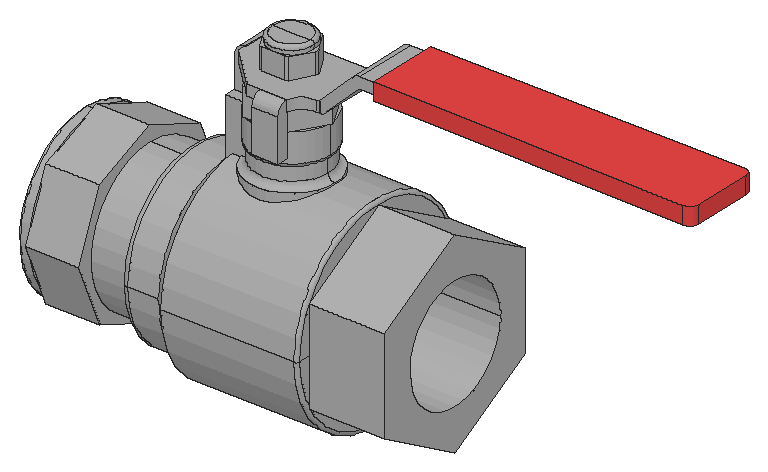
Revit family "QA10670000", category Apparecchi idraulici, Revit 2016
Family settings
  Tipo di parte = Normale
  Quota connettore circolare = Usa diametro
  Numero OmniClass = 23.45.00.00
  Titolo OmniClass = Sanitary, Laundry, and Cleaning Equipment
  Basato su piano di lavoro = No
  Sempre verticale = Sì
  Taglio con vuoti quando caricato = No
  Condiviso = No
  Punto di calcolo locali = No
Parameters
  URL = "https://web.cimberio.it/index.php/figura/208?subcategoria_id=42864"
  DN Model [instance] = QA10673182 : QA10673182
  DN [instance] = 32 mm
Reference planes
  plane 1 "Centro (Fronte/Retro)": y = 0
  plane 2: z = 0
  plane 3 "Centro (Sinistra/Destra)": x = 0
Dimensions and locks
  aligned and locked: level to plane 2
Nested families
  nested 1: "QA10673182" at (0, 0, 0), type <- "DN Model", type "QA10673182"
    with DN 10 mm
  nested 2: "QA10673182" at (0, 0, 0), type <- "DN Model", type "QA10673182"
    with DN 10 mm
  nested 3: "QA10673182" at (0, 0, 0), type <- "DN Model", type "QA10673182"
    with DN 10 mm
  nested 4: "QA10673182" at (0, 0, 0), type <- "DN Model", type "QA10673182"
    with DN 10 mm
  nested 5: "QA10673182" at (0, 0, 0), type <- "DN Model", type "QA10673182"
    with DN 10 mm
  nested 6: "QA10673182" at (0, 0, 0), type <- "DN Model", type "QA10673182"
    with DN 10 mm
  nested 7: "QA10673182" at (0, 0, 0), type <- "DN Model", type "QA10673182"
    with DN 10 mm
  nested 8: "QA10673182" at (0, 0, 0), type <- "DN Model", type "QA10673182"
    with DN 10 mm
Connectors
  piping at (45.85, 0.017, 0), diameter 32, driven by "DN"
    settings: on nested 1, index 1, connector inside diameter 609.6 mm, connector length 0 mm, flow factor 0, pipe flow 0.0 L/s, pressure drop 0.0 Pa, fitting loss kfactor 0, connector angle 0.00°, fixture units 0, engagement length 0 mm, angle of deflection 0.00°, flow configuration 0, flow direction 0, fitting loss method 0, system type 7, joint type 0, gender type 0, connector reference index -1, connector utility 0, adjustable connector no, is connector primary yes, connector description ""
  piping at (-54.841, 0, 0), diameter 32, driven by "DN"
    settings: on nested 1, index 2, connector inside diameter 609.6 mm, connector length 0 mm, flow factor 0, pipe flow 0.0 L/s, pressure drop 0.0 Pa, fitting loss kfactor 0, connector angle 0.00°, fixture units 0, engagement length 0 mm, angle of deflection 0.00°, flow configuration 0, flow direction 0, fitting loss method 0, system type 7, joint type 0, gender type 0, connector reference index -1, connector utility 0, adjustable connector no, is connector primary no, connector description ""
Definition of nested family "QA10673182"
  Parameters (values of type "QA10673182")
    DN [instance] = 10 mm  # constant formula
  Reference planes
    plane 1 "Centro (Fronte/Retro)": y = 0
    plane 2: z = 0
    plane 3 "Centro (Sinistra/Destra)": x = 0
  Forms (mm)
    Revolve 1, solid
      sketch origin (0, 0, 0) x (1, 0, 0) y (0, 1, 0)
        loop
          line (-28, 16) -> (24.35, 16) -> (24.35, 27.5)
          arc (24.35, 27.5) -> (24.057, 28.207) -> (23.35, 28.5) r 1
          line (23.35, 28.5) -> (-14, 28.5) -> (-17.525, 24.975) -> (-25.988, 25)
          arc (-25.988, 25) -> (-27.41, 24.418) -> (-28, 23) r 2
          line (-28, 23) -> (-28, 16)
        axis (-28, 0) -> (24.35, 0)
      angle from 0 to 360
    Revolve 2, solid
      sketch origin (0, 0, 0) x (1, 0, 0) y (0, 0, 1)
        loop
          line (-28, 20.9) -> (-40.645, 20.9) -> (-40.645, 16) -> (-28, 16) -> (-28, 20.9)
        axis (-40.645, 0) -> (-28, 0)
      angle from 0 to 360
    Extrusion 3, solid
      sketch origin (-11, 0, 0) x (0, 0, 1) y (0, 1, 0)
        loop
          circle (0, 0) r 16
        loop
          line (25, 0) -> (17.678, 17.678) -> (0, 25) -> (-17.678, 17.678) -> (-25, 0) -> (-17.678, -17.678) -> (0, -25) -> (17.678, -17.678) -> (25, 0)
      from 28.841 to 43.841
    Revolve 4, solid
      sketch origin (0, 0, 0) x (1, 0, 0) y (0, 0, 1)
        loop
          line (-54.841, 23.5) -> (-57.34, 23.5)
          arc (-57.34, 23.5) -> (-57.694, 23.354) -> (-57.841, 23) r 0.5
          line (-57.841, 23) -> (-57.841, 16) -> (-54.841, 16) -> (-54.841, 23.5)
        axis (-57.841, 0) -> (-54.841, 0)
      angle from 0 to 360
    Revolve 5, solid
      sketch origin (0, 0, 0) x (1, 0, 0) y (0, 0, 1)
        loop
          line (0.058, 43.3) -> (0.058, 25.32) -> (12.192, 25.32) -> (12.192, 28.544)
          arc (12.192, 28.544) -> (10.819, 29.112) -> (10.25, 30.485) r 1.942
          line (10.25, 30.485) -> (10.25, 34.475)
          arc (10.25, 34.475) -> (10.782, 34.708) -> (11, 35.246) r 0.772
          line (11, 35.246) -> (11, 43.3) -> (0.058, 43.3)
        axis (0.058, 25.32) -> (0.058, 43.3)
      angle from 0 to 360
    Extrusion 6, solid
      sketch origin (0, 0, 0) x (1, 0, 0) y (0, 0, 1)
        loop
          line (-16, 42.3) -> (-16, 24.971) -> (-8.27, 24.971) -> (-8.27, 42.3) -> (-16, 42.3)
      from 0 to 3.05
    Extrusion 7, solid
      sketch origin (11, 0, 0) x (0, 0, 1) y (0, -1, 0)
        loop
          circle (0, 0) r 16
        loop
          line (27.4, 0) -> (13.269, 24.475) -> (-13.269, 24.475) -> (-27.4, 0) -> (-13.241, -24.525) -> (13.241, -24.525) -> (27.4, 0)
      from 13.35 to 34.85
    Extrusion 8, solid
      sketch origin (0, 0, 28.55) x (1, 0, 0) y (0, 1, 0)
        loop
          line (-11.48, 0) -> (-5.74, -9.942) -> (5.74, -9.942) -> (11.48, 0) -> (5.74, 9.942) -> (-5.74, 9.942) -> (-11.48, 0)
      from 14.75 to 22.65
    Extrusion 9, solid
      sketch origin (0, 0, 28.55) x (1, 0, 0) y (0, 1, 0)
        loop
          line (-13, -2.3) -> (-2.3, -13) -> (9.101, -13)
          arc (9.101, -13) -> (10.838, -10.127) -> (14, -9) r 5
          line (14, -9) -> (15, -9) -> (15, -0.482) -> (15, 9) -> (-13, 9) -> (-13, -2.3)
      from 22.65 to 25.65
    Extrusion 10, solid
      sketch origin (0, 0, 0) x (1, 0, 0) y (0, 0, 1)
        loop
          arc (-13, 54.2) -> (-15.121, 53.321) -> (-16, 51.2) r 3
          line (-16, 51.2) -> (-16, 40.262) -> (-13, 40.262) -> (-13, 54.2)
      from -9 to 0
    Extrusion 11, solid
      sketch origin (0, 0, 0) x (1, 0, 0) y (0, 0, 1)
        loop
          line (15, 54.2) -> (15, 51.2)
          arc (15, 51.2) -> (16.148, 51.428) -> (17.121, 52.079) r 3
          line (17.121, 52.079) -> (26.243, 61.2) -> (31.003, 61.2) -> (31.003, 64.2) -> (26.245, 64.2)
          arc (26.245, 64.2) -> (25.096, 63.972) -> (24.121, 63.321) r 3
          line (24.121, 63.321) -> (15, 54.2)
      from -9 to 9
    Extrusion 12, solid
      sketch origin (0, 0, 28.55) x (1, 0, 0) y (0, 1, 0)
        loop
          arc (-3.211, 6.5) -> (-3.625, 6.279) -> (-4.024, 6.031) r 7.25
          line (-4.024, 6.031) -> (-7.235, 0.469)
          arc (-7.235, 0.469) -> (-7.25, 0) -> (-7.235, -0.469) r 7.25
          line (-7.235, -0.469) -> (-4.024, -6.031)
          arc (-4.024, -6.031) -> (-3.625, -6.279) -> (-3.211, -6.5) r 7.25
          line (-3.211, -6.5) -> (3.211, -6.5)
          arc (3.211, -6.5) -> (3.625, -6.279) -> (4.024, -6.031) r 7.25
          line (4.024, -6.031) -> (7.235, -0.469)
          arc (7.235, -0.469) -> (7.25, 0) -> (7.235, 0.469) r 7.25
          line (7.235, 0.469) -> (4.024, 6.031)
          arc (4.024, 6.031) -> (3.625, 6.279) -> (3.211, 6.5) r 7.25
          line (3.211, 6.5) -> (-3.211, 6.5)
      from 25.65 to 31.65
    Revolve 13, solid
      sketch origin (0, 0, 0) x (1, 0, 0) y (0, 0, 1)
        loop
          line (0, 62.2) -> (0, 60.2) -> (6.25, 60.2) -> (6.25, 61.2)
          arc (6.25, 61.2) -> (5.958, 61.907) -> (5.252, 62.2) r 1
          line (5.252, 62.2) -> (0, 62.2)
        axis (0, 62.2) -> (0, 60.2)
      angle from 0 to 360
    Extrusion 14, solid
      sketch origin (0, 0, 28.55) x (1, 0, 0) y (0, 1, 0)
        loop
          arc (121.003, 8.242) -> (120.265, 10.025) -> (118.481, 10.763) r 2.522
          line (118.481, 10.763) -> (31.003, 10) -> (31.003, -10) -> (118.503, -10.764)
          arc (118.503, -10.764) -> (120.271, -10.031) -> (121.003, -8.263) r 2.5
          line (121.003, -8.263) -> (121.003, 8.242)
      from 31.65 to 36.45
    Extrusion 15, solid
      sketch origin (-11, 0, 0) x (0, 0, 1) y (0, 1, 0)
        loop
          line (54.2, -13) -> (39.2, -13) -> (39.2, -16) -> (51.2, -16)
          arc (51.2, -16) -> (53.321, -15.121) -> (54.2, -13) r 3
      from -20 to -12.7
  Dimensions and locks
    aligned and locked: level to plane 2
